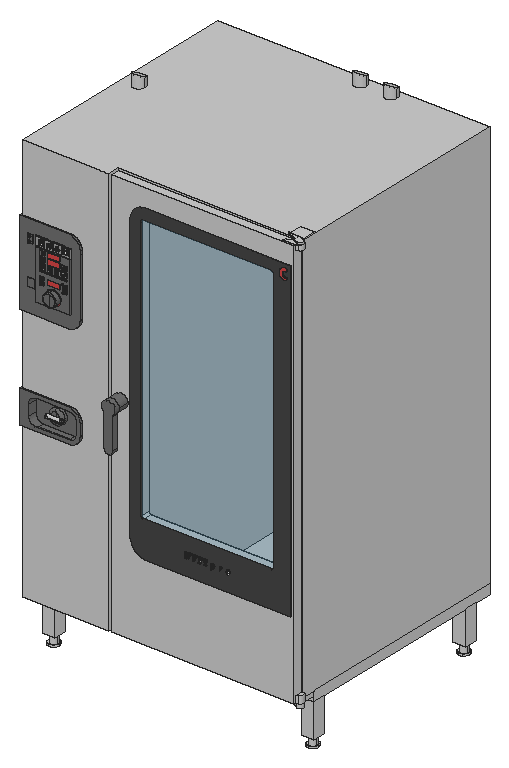
Revit family "QF_WELBILT-CONVOTHERM_CMX-PRO-ED-20-20-EB.240704044420", category Specialty Equipment, Revit 2020
Family settings
  Round Connector Dimension = Use Diameter
  Part Type = Normal
  OmniClass Number = 23.40.40.14
  OmniClass Title = Food Service Equipment
  Work Plane-Based = No
  Always vertical = Yes
  Cut with Voids When Loaded = No
  Shared = No
  Room Calculation Point = No
Parameters (values of type "CMX-PRO-ED-20-20-EB-RX_400V/3Ph/50Hz")
  Weight = 331.00 kg
  Waste Remarks [instance] = ""
  Volts = 400 V
  URL Cutsheet = ""
  URL = "www.convotherm.com"
  Status [instance] = ""
  Specification by User [instance] = ""
  Specification by Manufacturer [instance] = ""
  Serial Number = ""
  Seismic Rating = ""
  SMACNA No = ""
  Revision Code [instance] = ""
  Phase = 3
  Number of Poles = 1
  NAFEM Spec ID Number = ""
  Model = "CMX-PRO-ED-20-20-EB"
  Min Ckt Ampacity = 0 A
  Max Overcurrent Protection = 0 A
  Masterspec = ""
  Manufacturer = "WELBILT-CONVOTHERM"
  Length Actual = 1135 mm
  Item Number [instance] = ""
  Installed By [instance] = ""
  Indirect Waste Size = 25.4 mm
  Indirect Waste Connection Type [instance] = ""
  Indirect Waste Connection Height [instance] = 220 mm
  Identify Quantity as Lot [instance] = no
  Height Actual = 1934 mm
  HP power = ""
  Furnished By [instance] = ""
  Foodservice Equipment Identifier [instance] = no
  FL Amps = 97.3 A
  Electric power = 67300 W
  Electric Connection Type [instance] = ""
  Elec Conn RI Height [instance] = 0 mm
  Elec Conn Connection Height [instance] = 220 mm
  Direct Waste RI Height [instance] = 0 mm
  Description = "COMBI OVEN MAXX PRO EASYDIAL 20 SHELVES GN 2/1 - RIGHT HINGED DOOR - ELECTRIC BOILER"
  Depth Actual = 1020 mm
  Default Elevation = 0 mm
  Cycle = 50 Hz
  Cost = 0
  Conn Plug = ""
  Conn Conduit = no
  Cold Water Temperature Recommended = 0 °C
  Cold Water Size = 19.05 mm
  Cold Water Flow = 0.0 L/s
  Cold Water Connection Height [instance] = 220 mm
  CSI MasterFormat = ""
  Apparent Power = 67300 VA
  Accessory = no
Reference planes
  plane 1 "Center (Front/Back)": y = 0
  plane 2: z = 0
  plane 3 "Center (Left/Right)": x = 0
Forms (mm)
  Extrusion 1, solid, not visible
    sketch origin (124, -600, 222) x (1, 0, 0) y (0, 1, 0)
      loop
        line (0, 0) -> (2, 0) -> (2, 2) -> (0, 2) -> (0, 0)
    from 0 to 2
  Extrusion 2, solid, not visible
    sketch origin (301, -405, 222) x (1, 0, 0) y (0, 1, 0)
      loop
        line (0, 0) -> (2, 0) -> (2, 2) -> (0, 2) -> (0, 0)
    from 0 to 2
  Extrusion 3, solid, not visible
    sketch origin (104, -362, 222) x (1, 0, 0) y (0, 1, 0)
      loop
        line (0, 0) -> (2, 0) -> (2, 2) -> (0, 2) -> (0, 0)
    from 0 to 2
Dimensions and locks
  aligned and locked: level to plane 2
Nested families
  nested 1: "QF_WELBILT-CONVOTHERM_CMX-PRO-ED-20-20-EB-RX_400V_3Ph_50Hz" at (0, 0, 0), type "CMX-PRO-ED-20-20-EB-RX_400V/3Ph/50Hz"
    with Show Logo yes, Show Clearance yes
Connectors
  electrical at (125, -599, 222), driven by "Apparent Power", driven by "Number of Poles", driven by "Volts"
    settings: on Extrusion 1, index 1, voltage 400 V, apparent load 0 VA, apparent load phase1 67300 VA, apparent load phase2 0 VA, apparent load phase3 0 VA, power factor 1, load classification "Other", number of poles 1, system type 31, power factor state 1, is connector primary yes, connector utility no, sub classification motor no, connector description "Electric connection for 'CMX-PRO-ED-20-20-EB'"
  piping at (302, -404, 222), diameter 25.4, driven by "Indirect Waste Size"
    settings: on Extrusion 2, index 2, connector inside diameter 609.6 mm, connector length 0 mm, flow factor 0, pipe flow 0.0 L/s, pressure drop 0.0 Pa, fitting loss kfactor 0, connector angle 0.00°, fixture units 0, engagement length 0 mm, angle of deflection 0.00°, flow configuration 1, flow direction 2, fitting loss method 0, system type 16, joint type 0, gender type 0, connector reference index -1, connector utility 0, adjustable connector no, is connector primary yes, connector description "Drain connection for 'CMX-PRO-ED-20-20-EB'"
  piping at (105, -361, 222), diameter 19.05, driven by "Cold Water Size", driven by "Cold Water Flow"
    settings: on Extrusion 3, index 3, connector inside diameter 609.6 mm, connector length 0 mm, flow factor 0, pipe flow 0.0 L/s, pressure drop 0.0 Pa, fitting loss kfactor 0, connector angle 0.00°, fixture units 0, engagement length 0 mm, angle of deflection 0.00°, flow configuration 1, flow direction 1, fitting loss method 0, system type 20, joint type 0, gender type 0, connector reference index -1, connector utility 0, adjustable connector no, is connector primary no, connector description "Cold Water connection for 'CMX-PRO-ED-20-20-EB'"
Definition of nested family "QF_WELBILT-CONVOTHERM_CMX-PRO-ED-20-20-EB-RX_400V_3Ph_50Hz"
  Parameters (values of type "CMX-PRO-ED-20-20-EB-RX_400V/3Ph/50Hz")
    URL = "www.convotherm.com"
    Show Logo [instance] = yes
    Show Clearance [instance] = yes
    Model = "CMX-PRO-ED-20-20-EB"
    Manufacturer = "WELBILT-CONVOTHERM"
    Description = "COMBI OVEN MAXX PRO EASYDIAL 20 SHELVES GN 2/1 - RIGHT HINGED DOOR - ELECTRIC BOILER"
    Default Elevation = 0 mm
    Assembly Code = "E1090320"
  Types (2, lengths in mm): name | Model | Description
    CMX-PRO-ED-20-20-EB-RX_400V/3Ph/50Hz | "CMX-PRO-ED-20-20-EB" | "COMBI OVEN MAXX PRO EASYDIAL 20 SHELVES GN 2/1 - RIGHT HINGED DOOR - ELECTRIC BOILER"
    CMX-PRO-ED-20-20-ES-RX | "CMX-PRO-ED-20-20-ES" | "COMBI OVEN MAXX PRO EASYDIAL 20 SHELVES GN 2/1 - RIGHT HINGED DOOR - ELECTRIC INJECTION"
  Reference planes
    plane 1 "Back": y = 0
    plane 2: z = 0
    plane 3 "Left": x = 0
    plane 4 "Right": x = 1135
    plane 5 "Front": y = -1020
    plane 6 "Top": z = 1934
  Forms (mm)
    Extrusion 1, solid
      sketch origin (0, 0, 96) x (0, 1, 0) y (0, 0, 1)
        loop
          line (0, 1838) -> (-69, 1838) -> (-69, 126) -> (0, 126) -> (0, 1838)
      from 0 to 1135
    Extrusion 2, solid
      sketch origin (621, -433, 142.161) x (1, 0, 0) y (0, 0, 1)
        loop
          line (-250, 1791.839) -> (-250, 79.839) -> (514, 79.839) -> (514, 1791.839) -> (-250, 1791.839)
        loop
          arc (-115, 1670.132) -> (-122.071, 1667.203) -> (-125, 1660.132) r 10
          line (-125, 1660.132) -> (-125, 559.207)
          arc (-125, 559.207) -> (-122.071, 552.136) -> (-115, 549.207) r 10
          line (-115, 549.207) -> (419, 549.207)
          arc (419, 549.207) -> (426.071, 552.136) -> (429, 559.207) r 10
          line (429, 559.207) -> (429, 1660.132)
          arc (429, 1660.132) -> (426.071, 1667.203) -> (419, 1670.132) r 10
          line (419, 1670.132) -> (-115, 1670.132)
      from 550 to 587
    Extrusion 3, solid
      sketch origin (621, -423, 1162.455) x (1, 0, 0) y (0, 0, 1)
        loop
          arc (-115, 649.839) -> (-122.071, 646.91) -> (-125, 639.839) r 10
          line (-125, 639.839) -> (-125, -461.086)
          arc (-125, -461.086) -> (-122.071, -468.157) -> (-115, -471.086) r 10
          line (-115, -471.086) -> (419, -471.086)
          arc (419, -471.086) -> (426.071, -468.157) -> (429, -461.086) r 10
          line (429, -461.086) -> (429, 639.839)
          arc (429, 639.839) -> (426.071, 646.91) -> (419, 649.839) r 10
          line (419, 649.839) -> (-115, 649.839)
      from 560 to 597
    Extrusion 4, solid
      sketch origin (538.754, 250.154, 1299.45) x (1, 0, 0) y (0, 1, 0)
        loop
          circle (88.246, -288.147) r 25
      from 634.55 to 684.55
    Extrusion 5, solid, visible <- "Show Logo"
      sketch origin (608.278, -419.7, 1383.603) x (1, 0, 0) y (0, 0, 1)
        loop
          line (496.472, 442.836) -> (496.472, 452.836)
          arc (496.472, 452.836) -> (465.307, 432.836) -> (496.472, 412.836) r 22
          line (496.472, 412.836) -> (496.472, 422.836)
          arc (496.472, 422.836) -> (477.839, 432.836) -> (496.472, 442.836) r 12
      from 599 to 601
    Extrusion 6, void
      sketch origin (495, 28.007, 1307) x (0, 1, 0) y (0, 0, 1)
        loop
          line (-40.997, 682) -> (-101.661, 682) -> (-40.997, 653.55) -> (-40.997, 682)
      from 106.55 to 160
    Extrusion 7, solid
      sketch origin (0, -1022, 122) x (-1, 0, 0) y (0, 0, 1)
        loop
          line (0, 1812) -> (-361, 1812) -> (-361, 100) -> (0, 100) -> (0, 1812)
      from 2 to 49
    Extrusion 8, solid
      sketch origin (260, -1020.5, 1142.293) x (-1, 0, 0) y (0, 0, 1)
        loop
          line (-863, 715.8) -> (-863, -599.2) -> (-252.2, -599.2)
          arc (-252.2, -599.2) -> (-208.359, -581.041) -> (-190.2, -537.2) r 62
          line (-190.2, -537.2) -> (-190.2, 653.753)
          arc (-190.2, 653.753) -> (-208.373, 697.627) -> (-252.247, 715.8) r 62.047
          line (-252.247, 715.8) -> (-863, 715.8)
        loop
          arc (-780, 670) -> (-787.071, 667.071) -> (-790, 660) r 10
          line (-790, 660) -> (-790, -440.925)
          arc (-790, -440.925) -> (-787.071, -447.996) -> (-780, -450.925) r 10
          line (-780, -450.925) -> (-246, -450.925)
          arc (-246, -450.925) -> (-238.929, -447.996) -> (-236, -440.925) r 10
          line (-236, -440.925) -> (-236, 660)
          arc (-236, 660) -> (-238.929, 667.071) -> (-246, 670) r 10
          line (-246, 670) -> (-780, 670)
      from 0 to 2
    Extrusion 9, solid
      sketch origin (260, -228, 1149) x (1, 0, 0) y (0, 1, 0)
        loop
          line (815, -747) -> (877.799, -781.314)
          arc (877.799, -781.314) -> (895.081, -773.445) -> (884.24, -757.854) r 12.365
          line (884.24, -757.854) -> (873, -747) -> (815, -747)
      from 793 to 798
    Extrusion 10, solid
      sketch origin (260, -228, 1149) x (0, 1, 0) y (0, 0, 1)
        loop
          line (-747, 793) -> (-739, 785) -> (-684, 785) -> (-684, 790) -> (-737.215, 790) -> (-747, 798) -> (-747, 793)
      from 815 to 873
    Extrusion 11, solid
      sketch origin (-21.246, -207.853, 1299.45) x (1, 0, 0) y (0, 1, 0)
        loop
          circle (88.246, -288.147) r 25
      from 634.55 to 684.55
    Extrusion 12, void
      sketch origin (-65, -430, 1307) x (0, 1, 0) y (0, 0, 1)
        loop
          line (-40.997, 682) -> (-101.661, 682) -> (-40.997, 653.55) -> (-40.997, 682)
      from 106.55 to 160
    Extrusion 13, solid, visible <- "Show Clearance", detail levels coarse
      sketch origin (259, -226, 122) x (1, 0, 0) y (0, 1, 0)
        loop
          line (876, -794) -> (112, -794)
          arc (112, -794) -> (335.77, -1334.23) -> (876, -1558) r 764
          line (876, -1558) -> (876, -794)
      from 100 to 1812
    Extrusion 14, solid, visible <- "Show Clearance", detail levels coarse
      sketch origin (0, 0, 1020.837) x (1, 0, 0) y (0, 1, 0)
        loop
          line (1185, 50) -> (-50, 50) -> (-50, -1020) -> (0, -1020) -> (0, 0) -> (1135, 0) -> (1135, -1020) -> (1185, -1020) -> (1185, 50)
      from -1020.837 to 913.163
    Extrusion 15, solid
      sketch origin (401.711, -455, 812.309) x (1, 0, 0) y (0, 0, 1)
        loop
          arc (-10.176, 136.991) -> (9.289, 117.635) -> (28.753, 136.991) r 19.465
          line (28.753, 136.991) -> (28.753, 265.447)
          arc (28.753, 265.447) -> (29.337, 268.813) -> (31.019, 271.786) r 9.998
          arc (31.019, 271.786) -> (9.289, 317.699) -> (-12.442, 271.786) r 28.099
          arc (-12.442, 271.786) -> (-10.759, 268.813) -> (-10.176, 265.447) r 9.998
          line (-10.176, 265.447) -> (-10.176, 136.991)
      from 611 to 630
    Extrusion 16, solid
      sketch origin (376.711, -428, 809.017) x (1, 0, 0) y (0, 0, 1)
        loop
          circle (34.289, 292.891) r 28.099
      from 592 to 638
    Extrusion 17, solid, visible <- "Show Logo"
      sketch origin (151.074, -1021, 492.827) x (-1, 0, 0) y (0, 0, 1)
        loop
          line (-528.137, 127.552) -> (-530.011, 127.552) -> (-530.348, 126.074)
          arc (-530.348, 126.074) -> (-533.867, 127.761) -> (-537.387, 126.074) r 4.515
          arc (-537.387, 126.074) -> (-541.947, 127.505) -> (-544.743, 123.629) r 4.084
          line (-544.743, 123.629) -> (-544.743, 116.284) -> (-542.349, 116.284) -> (-542.349, 123.232)
          arc (-542.349, 123.232) -> (-539.99, 125.59) -> (-537.632, 123.232) r 2.358
          line (-537.632, 123.232) -> (-537.632, 116.284) -> (-535.228, 116.284) -> (-535.228, 123.232)
          arc (-535.228, 123.232) -> (-532.879, 125.58) -> (-530.531, 123.232) r 2.348
          line (-530.531, 123.232) -> (-530.531, 116.284) -> (-528.137, 116.284) -> (-528.137, 127.552)
        loop
          arc (-560.96, 126.777) -> (-563.601, 127.667) -> (-566.387, 127.637) r 8.338
          arc (-566.387, 127.637) -> (-568.587, 126.318) -> (-569.365, 123.874) r 3.628
          line (-569.365, 123.874) -> (-569.365, 116.284) -> (-567.653, 116.284) -> (-567.175, 117.853)
          arc (-567.175, 117.853) -> (-565.463, 116.5) -> (-563.335, 116.017) r 4.933
          arc (-563.335, 116.017) -> (-560.862, 117.042) -> (-559.838, 119.515) r 3.498
          arc (-559.838, 119.515) -> (-560.769, 121.724) -> (-562.869, 122.881) r 3.655
          arc (-562.869, 122.881) -> (-564.937, 123.13) -> (-567.021, 123.172) r 20.914
          arc (-567.021, 123.172) -> (-566.618, 125.022) -> (-564.92, 125.86) r 2.182
          arc (-564.92, 125.86) -> (-563.277, 125.666) -> (-561.734, 125.066) r 6.53
          line (-561.734, 125.066) -> (-560.96, 126.777)
        loop
          line (-566.971, 121.663) -> (-566.971, 120.653)
          arc (-566.971, 120.653) -> (-565.555, 118.263) -> (-562.778, 118.357) r 2.725
          arc (-562.778, 118.357) -> (-562.249, 119.77) -> (-563.061, 121.043) r 1.69
          arc (-563.061, 121.043) -> (-563.851, 121.394) -> (-564.704, 121.544) r 3.557
          line (-564.704, 121.544) -> (-566.971, 121.663)
        loop
          line (-583.952, 127.552) -> (-586.682, 127.552) -> (-589.25, 123.609) -> (-591.837, 127.552) -> (-594.547, 127.552) -> (-590.757, 122.04) -> (-594.741, 116.284) -> (-592.031, 116.284) -> (-589.25, 120.502) -> (-586.479, 116.284) -> (-583.769, 116.284) -> (-587.732, 122.04) -> (-583.952, 127.552)
        loop
          line (-607.963, 127.552) -> (-610.693, 127.552) -> (-613.26, 123.609) -> (-615.848, 127.552) -> (-618.558, 127.552) -> (-614.768, 122.04) -> (-618.752, 116.284) -> (-616.042, 116.284) -> (-613.26, 120.502) -> (-610.489, 116.284) -> (-607.779, 116.284) -> (-611.742, 122.04) -> (-607.963, 127.552)
        loop
          line (-636.435, 132.059) -> (-639.145, 132.059) -> (-639.689, 130.03)
          arc (-639.689, 130.03) -> (-644.361, 132.339) -> (-649.091, 130.15) r 6.037
          arc (-649.091, 130.15) -> (-650.678, 124.151) -> (-649.091, 118.152) r 12.127
          arc (-649.091, 118.152) -> (-644.439, 115.999) -> (-639.787, 118.152) r 6.101
          line (-639.787, 118.152) -> (-639.787, 109.266) -> (-636.435, 109.266) -> (-636.435, 132.059)
        loop
          arc (-640.707, 128.436) -> (-643.521, 129.607) -> (-646.244, 128.239) r 3.656
          arc (-646.244, 128.239) -> (-647.304, 124.134) -> (-646.244, 120.028) r 8.478
          arc (-646.244, 120.028) -> (-643.478, 118.728) -> (-640.707, 120.019) r 3.605
          arc (-640.707, 120.019) -> (-639.746, 124.228) -> (-640.707, 128.436) r 9.697
        loop
          line (-672.161, 132.059) -> (-674.786, 132.059) -> (-675.228, 129.277)
          arc (-675.228, 129.277) -> (-678.007, 131.919) -> (-681.831, 132.201) r 5.699
          line (-681.831, 132.201) -> (-681.499, 129.039)
          arc (-681.499, 129.039) -> (-677.382, 128.276) -> (-675.513, 124.528) r 4.693
          line (-675.513, 124.528) -> (-675.513, 116.284) -> (-672.161, 116.284) -> (-672.161, 132.059)
        loop
          arc (-701.668, 128.856) -> (-708.102, 132.336) -> (-714.536, 128.856) r 7.688
          arc (-714.536, 128.856) -> (-715.716, 123.509) -> (-713.81, 118.375) r 9.693
          arc (-713.81, 118.375) -> (-708.258, 115.93) -> (-702.705, 118.375) r 7.526
          arc (-702.705, 118.375) -> (-700.886, 123.487) -> (-701.668, 128.856) r 11.265
        loop
          arc (-705.156, 128.208) -> (-708.205, 129.601) -> (-711.253, 128.208) r 4.032
          arc (-711.253, 128.208) -> (-712.176, 124.281) -> (-711.253, 120.354) r 8.822
          arc (-711.253, 120.354) -> (-708.251, 118.678) -> (-705.156, 120.174) r 3.725
          arc (-705.156, 120.174) -> (-704.233, 124.191) -> (-705.156, 128.208) r 9.2
        loop
          arc (-532.682, 137.519) -> (-530.724, 137.866) -> (-529.296, 136.484) r 2.184
          arc (-529.296, 136.484) -> (-529.141, 134.97) -> (-529.666, 133.541) r 3.38
          arc (-529.666, 133.541) -> (-531.195, 132.902) -> (-532.824, 133.209) r 2.886
          line (-532.824, 133.209) -> (-532.824, 132.27)
          arc (-532.824, 132.27) -> (-530.712, 132.004) -> (-528.755, 132.842) r 4.064
          arc (-528.755, 132.842) -> (-527.999, 134.996) -> (-528.348, 137.252) r 4.701
          arc (-528.348, 137.252) -> (-530.48, 138.773) -> (-533.076, 138.431) r 3.573
          line (-533.076, 138.431) -> (-532.682, 137.519)
        loop
          arc (-537.479, 137.982) -> (-539.805, 138.908) -> (-542.133, 137.986) r 3.392
          arc (-542.133, 137.986) -> (-542.922, 135.429) -> (-542.133, 132.872) r 4.538
          arc (-542.133, 132.872) -> (-539.818, 131.941) -> (-537.495, 132.853) r 3.378
          arc (-537.495, 132.853) -> (-536.706, 135.415) -> (-537.479, 137.982) r 4.603
        loop
          arc (-538.327, 137.294) -> (-539.797, 137.948) -> (-541.273, 137.306) r 1.999
          arc (-541.273, 137.306) -> (-541.786, 135.426) -> (-541.273, 133.546) r 3.701
          arc (-541.273, 133.546) -> (-539.8, 132.933) -> (-538.327, 133.544) r 2.078
          arc (-538.327, 133.544) -> (-537.877, 135.419) -> (-538.327, 137.294) r 4.129
        loop
          line (-547.292, 138.766) -> (-548.621, 138.766) -> (-551.871, 133.511) -> (-551.871, 138.766) -> (-552.875, 138.766) -> (-552.875, 132.063) -> (-551.532, 132.063) -> (-548.286, 137.265) -> (-548.286, 132.063) -> (-547.292, 132.063) -> (-547.292, 138.766)
        loop
          line (-556.671, 138.766) -> (-557.799, 138.766) -> (-559.583, 133.448) -> (-561.375, 138.766) -> (-562.512, 138.766) -> (-560.164, 132.063) -> (-559.009, 132.063) -> (-556.671, 138.766)
        loop
          arc (-566.711, 137.982) -> (-569.038, 138.908) -> (-571.366, 137.986) r 3.392
          arc (-571.366, 137.986) -> (-572.155, 135.429) -> (-571.366, 132.872) r 4.538
          arc (-571.366, 132.872) -> (-569.051, 131.941) -> (-566.727, 132.853) r 3.378
          arc (-566.727, 132.853) -> (-565.939, 135.415) -> (-566.711, 137.982) r 4.603
        loop
          arc (-567.56, 137.294) -> (-569.03, 137.948) -> (-570.505, 137.306) r 1.999
          arc (-570.505, 137.306) -> (-571.019, 135.426) -> (-570.505, 133.546) r 3.701
          arc (-570.505, 133.546) -> (-569.033, 132.933) -> (-567.56, 133.544) r 2.078
          arc (-567.56, 133.544) -> (-567.109, 135.419) -> (-567.56, 137.294) r 4.129
        loop
          line (-577.456, 137.826) -> (-575.485, 137.826) -> (-575.485, 138.766) -> (-580.523, 138.766) -> (-580.523, 137.826) -> (-578.552, 137.826) -> (-578.552, 132.063) -> (-577.456, 132.063) -> (-577.456, 137.826)
        loop
          line (-584.461, 138.766) -> (-585.556, 138.766) -> (-585.556, 136.024) -> (-588.646, 136.024) -> (-588.646, 138.766) -> (-589.747, 138.766) -> (-589.747, 132.063) -> (-588.646, 132.063) -> (-588.646, 135.084) -> (-585.556, 135.084) -> (-585.556, 132.063) -> (-584.461, 132.063) -> (-584.461, 138.766)
        loop
          line (-598.044, 136.015) -> (-598.044, 135.098) -> (-595.518, 135.098) -> (-595.518, 132.994) -> (-598.214, 132.994) -> (-598.214, 132.063) -> (-594.423, 132.063) -> (-594.423, 138.766) -> (-598.214, 138.766) -> (-598.214, 137.84) -> (-595.518, 137.84) -> (-595.518, 136.015) -> (-598.044, 136.015)
        loop
          line (-602.573, 138.766) -> (-604.466, 138.766)
          arc (-604.466, 138.766) -> (-605.459, 138.644) -> (-606.393, 138.285) r 4.104
          arc (-606.393, 138.285) -> (-606.983, 136.462) -> (-605.709, 135.029) r 1.929
          line (-605.709, 135.029) -> (-607.602, 132.063) -> (-606.355, 132.063) -> (-604.751, 134.741) -> (-603.669, 134.741) -> (-603.669, 132.063) -> (-602.573, 132.063) -> (-602.573, 138.766)
        loop
          line (-603.669, 137.84) -> (-604.805, 137.84)
          arc (-604.805, 137.84) -> (-605.901, 136.744) -> (-604.805, 135.648) r 1.096
          line (-604.805, 135.648) -> (-603.669, 135.648) -> (-603.669, 137.84)
        loop
          line (-611.485, 138.766) -> (-613.03, 138.766) -> (-614.905, 133.395) -> (-616.835, 138.766) -> (-618.384, 138.766) -> (-618.384, 132.063) -> (-617.33, 132.063) -> (-617.33, 137.563) -> (-615.349, 132.063) -> (-614.382, 132.063) -> (-612.48, 137.543) -> (-612.48, 132.063) -> (-611.485, 132.063) -> (-611.485, 138.766)
      from 0 to 2
    Extrusion 18, solid
      sketch origin (260, -228, -576) x (1, 0, 0) y (0, 1, 0)
        loop
          line (815, -747) -> (877.799, -781.314)
          arc (877.799, -781.314) -> (895.081, -773.445) -> (884.24, -757.854) r 12.365
          line (884.24, -757.854) -> (873, -747) -> (873, -684) -> (815, -684) -> (815, -747)
      from 779.9 to 798
    Extrusion 19, solid
      sketch origin (260, -228, 222) x (1, 0, 0) y (0, 1, 0)
        loop
          arc (887.5, -783.557) -> (896.787, -767.866) -> (882.689, -756.303) r 14
          line (882.689, -756.303) -> (875, -756.303) -> (875, -787.8) -> (887.5, -783.557)
      from 0 to 28.2
    Extrusion 20, solid
      sketch origin (260, -228, 1919.954) x (1, 0, 0) y (0, 1, 0)
        loop
          arc (887.5, -783.557) -> (896.787, -767.866) -> (882.689, -756.303) r 14
          line (882.689, -756.303) -> (875, -756.303) -> (825, -775.067) -> (825, -787.8) -> (875, -787.8) -> (887.5, -783.557)
      from 0 to 18.046
    Extrusion 21, solid
      sketch origin (260, -228, 976) x (1, 0, 0) y (0, 1, 0)
        loop
          circle (883, -770.5) r 5
      from 962 to 966
    Extrusion 22, solid
      sketch origin (0, -792, 222) x (-1, 0, 0) y (0, 0, 1)
        loop
          line (0, 1712) -> (-1135, 1712) -> (-1135, 0) -> (0, 0) -> (0, 1712)
        loop
          line (-411, 1672) -> (-1095, 1672) -> (-1095, 40) -> (-411, 40) -> (-411, 1672)
      from -181 to 723
    Extrusion 23, solid
      sketch origin (60, -1022.2, 528.196) x (-1, 0, 0) y (0, 0, 1)
        loop
          line (64, 479) -> (-139.45, 479)
          arc (-139.45, 479) -> (-173.073, 465.073) -> (-187, 431.45) r 47.55
          line (-187, 431.45) -> (-187, 386.55)
          arc (-187, 386.55) -> (-173.073, 352.927) -> (-139.45, 339) r 47.55
          line (-139.45, 339) -> (64, 339) -> (64, 479)
        loop
          line (-4.55, 464) -> (-139.45, 464)
          arc (-139.45, 464) -> (-162.466, 454.466) -> (-172, 431.45) r 32.55
          line (-172, 431.45) -> (-172, 386.55)
          arc (-172, 386.55) -> (-162.466, 363.534) -> (-139.45, 354) r 32.55
          line (-139.45, 354) -> (-4.55, 354)
          arc (-4.55, 354) -> (18.466, 363.534) -> (28, 386.55) r 32.55
          line (28, 386.55) -> (28, 431.45)
          arc (28, 431.45) -> (18.466, 454.466) -> (-4.55, 464) r 32.55
      from -5.45 to 30.55
    Extrusion 24, void
      sketch origin (0, -1032.65, 220) x (-1, 0, 0) y (0, 0, 1)
        loop
          line (-64.55, 774.196) -> (-199.45, 774.196)
          arc (-199.45, 774.196) -> (-223.881, 764.076) -> (-234, 739.646) r 34.55
          line (-234, 739.646) -> (-234, 694.746)
          arc (-234, 694.746) -> (-223.881, 670.315) -> (-199.45, 660.196) r 34.55
          line (-199.45, 660.196) -> (-64.55, 660.196)
          arc (-64.55, 660.196) -> (-40.119, 670.315) -> (-30, 694.746) r 34.55
          line (-30, 694.746) -> (-30, 739.646)
          arc (-30, 739.646) -> (-40.119, 764.076) -> (-64.55, 774.196) r 34.55
      from 0 to 41
    Revolve 25, solid
      sketch origin (132, -213, 187) x (0, 1, 0) y (0, 0, 1)
        loop
          line (-800.65, 771.095) -> (-800.65, 750.196) -> (-780.65, 750.196) -> (-780.65, 782.804) -> (-792.214, 780.972)
          arc (-792.214, 780.972) -> (-798.254, 777.59) -> (-800.65, 771.095) r 10
        axis (-780.65, 750.196) -> (-800.65, 750.196)
      angle from 0 to 360
    Extrusion 26, solid
      sketch origin (60, -988.2, 513.196) x (-1, 0, 0) y (0, 0, 1)
        loop
          line (-4.55, 479) -> (-139.45, 479)
          arc (-139.45, 479) -> (-162.466, 469.466) -> (-172, 446.45) r 32.55
          line (-172, 446.45) -> (-172, 401.55)
          arc (-172, 401.55) -> (-162.466, 378.534) -> (-139.45, 369) r 32.55
          line (-139.45, 369) -> (-4.55, 369)
          arc (-4.55, 369) -> (18.466, 378.534) -> (28, 401.55) r 32.55
          line (28, 401.55) -> (28, 446.45)
          arc (28, 446.45) -> (18.466, 469.466) -> (-4.55, 479) r 32.55
      from -5.45 to -3.45
    Extrusion 27, solid
      sketch origin (102, -228.026, 187) x (0, 1, 0) y (0, 0, 1)
        loop
          circle (-793.65, 750.196) r 8
      from 0 to 60
    Revolve 28, solid
      sketch origin (102, -1021.676, 187) x (-1, 0, 0) y (0, 0, 1)
        loop
          line (-60, 750.196) -> (-60, 758.196)
          arc (-60, 758.196) -> (-61.414, 757.61) -> (-62, 756.196) r 2
          line (-62, 756.196) -> (-62, 750.196) -> (-60, 750.196)
        axis (-60, 750.196) -> (-62, 750.196)
      angle from 0 to 360
    Revolve 29, solid
      sketch origin (162, -1021.676, 187) x (1, 0, 0) y (0, 0, -1)
        loop
          line (-60, -750.196) -> (-62, -750.196) -> (-62, -756.196)
          arc (-62, -756.196) -> (-61.414, -757.61) -> (-60, -758.196) r 2
          line (-60, -758.196) -> (-60, -750.196)
        axis (-60, -750.196) -> (-62, -750.196)
      angle from 0 to 360
    Extrusion 30, solid
      sketch origin (665.754, 250.154, 1299.45) x (1, 0, 0) y (0, 1, 0)
        loop
          circle (88.246, -288.147) r 25
      from 634.55 to 684.55
    Extrusion 31, void
      sketch origin (622, 28.007, 1307) x (0, 1, 0) y (0, 0, 1)
        loop
          line (-40.997, 682) -> (-101.661, 682) -> (-40.997, 653.55) -> (-40.997, 682)
      from 106.55 to 160
    Extrusion 32, solid
      sketch origin (-428.638, -446.526, 1166.547) x (0, 0, 1) y (-1, 0, 0)
        loop
          line (393.991, -491.319) -> (186.559, -491.319) -> (186.559, -634.546) -> (393.991, -634.546) -> (393.991, -491.319)
      from 580.124 to 582.124
    Extrusion 33, solid
      sketch origin (0, -1022.2, 962.518) x (-1, 0, 0) y (0, 0, 1)
        loop
          line (4, 692) -> (-199.45, 692)
          arc (-199.45, 692) -> (-233.073, 678.073) -> (-247, 644.45) r 47.55
          line (-247, 644.45) -> (-247, 632) -> (-247, 386.55)
          arc (-247, 386.55) -> (-233.073, 352.927) -> (-199.45, 339) r 47.55
          line (-199.45, 339) -> (4, 339) -> (4, 692)
      from -5.45 to 30.55
    Extrusion 34, solid
      sketch origin (-36.897, -959.167, 1080.168) x (-1, 0, 0) y (0, 0, 1)
        loop
          line (-66.022, 518.689) -> (-84.672, 518.689) -> (-84.672, 483.933) -> (-66.022, 483.933) -> (-66.022, 518.689)
        loop
          circle (-75.347, 510.212) r 5.934
        loop
          circle (-75.347, 492.834) r 5.934
        loop
          line (-66.022, 355.925) -> (-96.022, 355.925) -> (-96.022, 320.925) -> (-66.022, 320.925) -> (-66.022, 355.925)
      from -69.983 to -67.983
    Extrusion 35, solid
      sketch origin (12.599, -339.852, 1165.106) x (1, 0, 0) y (0, 0, 1)
        loop
          line (50.082, 434.331) -> (50.082, 400.345) -> (84.068, 400.345) -> (84.068, 434.331) -> (50.082, 434.331)
        loop
          line (86.495, 434.331) -> (86.495, 400.345) -> (120.482, 400.345) -> (120.482, 434.331) -> (86.495, 434.331)
        loop
          line (122.909, 434.331) -> (122.909, 400.345) -> (156.895, 400.345) -> (156.895, 434.331) -> (122.909, 434.331)
        loop
          line (159.323, 434.331) -> (159.323, 400.345) -> (193.309, 400.345) -> (193.309, 434.331) -> (159.323, 434.331)
      from 687.298 to 689.298
    Extrusion 36, solid
      sketch origin (-3.045, -1027.15, 1067.09) x (1, 0, 0) y (0, 0, 1)
        loop
          line (65.725, 534.323) -> (99.711, 534.323) -> (99.711, 536.323) -> (65.725, 536.323) -> (65.725, 534.323)
      from 0 to 2
    Extrusion 37, solid
      sketch origin (26.955, -1027.15, 1067.081) x (1, 0, 0) y (0, 0, 1)
        loop
          line (72.139, 534.323) -> (106.125, 534.323) -> (106.125, 536.323) -> (72.139, 536.323) -> (72.139, 534.323)
      from 0 to 2
    Extrusion 38, solid
      sketch origin (56.955, -1027.15, 1067.081) x (1, 0, 0) y (0, 0, 1)
        loop
          line (78.553, 534.323) -> (112.539, 534.323) -> (112.539, 536.323) -> (78.553, 536.323) -> (78.553, 534.323)
      from 0 to 2
    Extrusion 39, solid
      sketch origin (86.955, -1027.15, 1067.081) x (1, 0, 0) y (0, 0, 1)
        loop
          line (84.966, 534.323) -> (118.531, 534.323) -> (118.531, 536.323) -> (84.966, 536.323) -> (84.966, 534.323)
      from 0 to 2
    Extrusion 40, solid
      sketch origin (-292.392, -339.852, 1092.792) x (1, 0, 0) y (0, 0, 1)
        loop
          line (372.087, 461.904) -> (372.087, 443.845) -> (390.692, 443.845) -> (390.692, 461.904) -> (372.087, 461.904)
      from 687.298 to 689.298
    Extrusion 41, solid
      sketch origin (-295.111, -339.852, 1062.443) x (1, 0, 0) y (0, 0, 1)
        loop
          line (374.306, 467.835) -> (374.306, 448.294) -> (393.41, 448.294) -> (393.41, 467.835) -> (374.306, 467.835)
      from 687.298 to 689.298
    Extrusion 42, solid
      sketch origin (-208.236, -339.852, 1062.443) x (1, 0, 0) y (0, 0, 1)
        loop
          line (379.423, 467.835) -> (379.423, 448.985) -> (398.234, 448.985) -> (398.234, 467.835) -> (379.423, 467.835)
      from 687.298 to 689.298
    Extrusion 43, solid
      sketch origin (-260.936, -339.852, 1082.943) x (1, 0, 0) y (0, 0, 1)
        loop
          line (371.423, 471.753) -> (371.423, 453.693) -> (421.748, 453.693) -> (421.748, 471.753) -> (371.423, 471.753)
      from 687.298 to 689.298
    Extrusion 44, solid
      sketch origin (-260.936, -339.852, 1062.443) x (1, 0, 0) y (0, 0, 1)
        loop
          line (371.423, 467.835) -> (371.423, 448.294) -> (421.748, 448.294) -> (421.748, 467.835) -> (371.423, 467.835)
      from 687.298 to 689.298
    Extrusion 45, solid
      sketch origin (-294.486, -339.852, 1041.318) x (1, 0, 0) y (0, 0, 1)
        loop
          line (373.681, 460.733) -> (373.681, 441.97) -> (392.785, 441.97) -> (392.785, 460.733) -> (373.681, 460.733)
      from 687.298 to 689.298
    Extrusion 46, solid
      sketch origin (-285.736, -339.852, 1018.193) x (1, 0, 0) y (0, 0, 1)
        loop
          line (364.931, 459.345) -> (364.931, 457.345) -> (477.368, 457.345) -> (477.368, 459.345) -> (364.931, 459.345)
      from 687.298 to 689.298
    Extrusion 47, solid
      sketch origin (0.705, -1027.15, 970.215) x (1, 0, 0) y (0, 0, 1)
        loop
          line (78.489, 534.323) -> (97.594, 534.323) -> (97.594, 536.323) -> (78.489, 536.323) -> (78.489, 534.323)
      from 0 to 2
    Extrusion 48, solid
      sketch origin (-295.997, -339.852, 993.002) x (1, 0, 0) y (0, 0, 1)
        loop
          line (375.192, 464.811) -> (375.192, 451.047) -> (389.704, 451.047) -> (389.704, 464.811) -> (375.192, 464.811)
      from 687.298 to 689.298
    Extrusion 49, solid
      sketch origin (-295.997, -339.852, 976.002) x (1, 0, 0) y (0, 0, 1)
        loop
          line (375.192, 462.561) -> (375.192, 447.345) -> (389.704, 447.345) -> (389.704, 462.561) -> (375.192, 462.561)
      from 687.298 to 689.298
    Extrusion 50, solid
      sketch origin (-197.001, -339.852, 994.217) x (1, 0, 0) y (0, 0, 1)
        loop
          line (373.192, 464.601) -> (373.192, 430.345) -> (388.632, 430.345) -> (388.632, 464.601) -> (373.192, 464.601)
      from 687.298 to 689.298
    Extrusion 51, solid
      sketch origin (76.941, -1027.15, 922.552) x (1, 0, 0) y (0, 0, 1)
        loop
          line (94.5, 534.323) -> (98, 534.323) -> (98, 536.323) -> (94.5, 536.323) -> (94.5, 534.323)
      from 0 to 2
    Extrusion 52, solid
      sketch origin (76.941, -1027.15, 890.239) x (1, 0, 0) y (0, 0, 1)
        loop
          line (94.5, 534.323) -> (98, 534.323) -> (98, 536.323) -> (94.5, 536.323) -> (94.5, 534.323)
      from 0 to 2
    Extrusion 53, solid
      sketch origin (-260.336, -339.852, 1014.443) x (1, 0, 0) y (0, 0, 1)
        loop
          line (370.823, 437.095) -> (370.823, 417.709) -> (421.148, 417.709) -> (421.148, 437.095) -> (370.823, 437.095)
      from 687.298 to 689.298
    Extrusion 54, solid
      sketch origin (-260.936, -339.852, 942.16) x (1, 0, 0) y (0, 0, 1)
        loop
          circle (396.292, 451.595) r 27.031
        loop
          circle (396.292, 451.595) r 30
      from 687.298 to 689.298
    Revolve 55, solid
      sketch origin (135.355, 14.19, 982.537) x (0, 1, 0) y (0, 0, 1)
        loop
          line (-1036.39, 411.218) -> (-1036.39, 438.218) -> (-1064.39, 438.218)
          arc (-1064.39, 438.218) -> (-1065.804, 437.632) -> (-1066.39, 436.218) r 2
          line (-1066.39, 436.218) -> (-1066.39, 411.218) -> (-1036.39, 411.218)
        axis (-1036.39, 411.218) -> (-1066.39, 411.218)
      angle from 0 to 360
    Extrusion 56, solid
      sketch origin (-29.6, -1028.95, 1040.764) x (-1, 0, 0) y (0, 0, 1)
        loop
          arc (-107.746, 547.473) -> (-111.291, 549.608) -> (-114.976, 547.725) r 4.26
          arc (-114.976, 547.725) -> (-117.687, 547.348) -> (-118.445, 544.718) r 2.513
          arc (-118.445, 544.718) -> (-116.276, 542.894) -> (-113.73, 544.139) r 2.598
          arc (-113.73, 544.139) -> (-110.951, 543.127) -> (-108.171, 544.139) r 4.322
          arc (-108.171, 544.139) -> (-105.673, 543.295) -> (-103.931, 545.275) r 2.379
          arc (-103.931, 545.275) -> (-105.101, 547.654) -> (-107.746, 547.473) r 2.379
        loop
          arc (-107.286, 549.341) -> (-111.38, 551.11) -> (-115.509, 549.427) r 5.76
          arc (-115.509, 549.427) -> (-119.099, 548.047) -> (-119.881, 544.282) r 4.013
          arc (-119.881, 544.282) -> (-117.224, 541.575) -> (-113.484, 542.207) r 4.098
          arc (-113.484, 542.207) -> (-110.88, 541.627) -> (-108.29, 542.27) r 5.822
          arc (-108.29, 542.27) -> (-104.611, 542.096) -> (-102.444, 545.075) r 3.879
          arc (-102.444, 545.075) -> (-103.724, 548.503) -> (-107.286, 549.341) r 3.879
      from -0.4 to 1.6
    Extrusion 57, solid
      sketch origin (-30.424, -1028.95, 1028.554) x (-1, 0, 0) y (0, 0, 1)
        loop
          line (-103.234, 551.339) -> (-105.234, 551.339) -> (-105.234, 547.168) -> (-106.183, 546.218) -> (-117.926, 546.218) -> (-118.876, 547.168) -> (-118.876, 551.339) -> (-120.876, 551.339) -> (-120.876, 546.339) -> (-118.755, 544.218) -> (-105.355, 544.218) -> (-103.234, 546.339) -> (-103.234, 551.339)
      from -0.4 to 1.6
    Extrusion 58, solid
      sketch origin (5.786, -1028.95, 1040.09) x (-1, 0, 0) y (0, 0, 1)
        loop
          arc (-104.784, 543.148) -> (-102.808, 547.489) -> (-107.277, 549.155) r 3.26
          arc (-107.277, 549.155) -> (-111.143, 551.159) -> (-115.198, 549.57) r 5.269
          arc (-115.198, 549.57) -> (-119.153, 546.7) -> (-116.142, 542.852) r 3.394
          line (-116.142, 542.852) -> (-115.583, 543.681)
          arc (-115.583, 543.681) -> (-118.296, 546.537) -> (-114.769, 548.292) r 2.449
          arc (-114.769, 548.292) -> (-111.134, 550.254) -> (-107.499, 548.292) r 4.349
          arc (-107.499, 548.292) -> (-103.789, 547.402) -> (-105.375, 543.932) r 2.471
          line (-105.375, 543.932) -> (-104.784, 543.148)
        loop
          line (-107.172, 546.556) -> (-107.926, 545.9)
          arc (-107.926, 545.9) -> (-107.106, 544.613) -> (-107.179, 543.088) r 2.52
          line (-107.179, 543.088) -> (-107.877, 540.655)
          arc (-107.877, 540.655) -> (-107.99, 539.187) -> (-107.514, 537.793) r 3.656
          line (-107.514, 537.793) -> (-106.759, 538.449)
          arc (-106.759, 538.449) -> (-107.235, 539.843) -> (-107.123, 541.311) r 3.656
          line (-107.123, 541.311) -> (-106.425, 543.744)
          arc (-106.425, 543.744) -> (-106.352, 545.269) -> (-107.172, 546.556) r 2.52
        loop
          line (-110.976, 546.556) -> (-111.731, 545.9)
          arc (-111.731, 545.9) -> (-110.911, 544.613) -> (-110.984, 543.088) r 2.52
          line (-110.984, 543.088) -> (-111.681, 540.655)
          arc (-111.681, 540.655) -> (-111.794, 539.187) -> (-111.318, 537.793) r 3.656
          line (-111.318, 537.793) -> (-110.563, 538.449)
          arc (-110.563, 538.449) -> (-111.039, 539.843) -> (-110.927, 541.311) r 3.656
          line (-110.927, 541.311) -> (-110.229, 543.744)
          arc (-110.229, 543.744) -> (-110.156, 545.269) -> (-110.976, 546.556) r 2.52
        loop
          line (-114.845, 546.556) -> (-115.599, 545.9)
          arc (-115.599, 545.9) -> (-114.779, 544.613) -> (-114.852, 543.088) r 2.52
          line (-114.852, 543.088) -> (-115.55, 540.655)
          arc (-115.55, 540.655) -> (-115.663, 539.187) -> (-115.187, 537.793) r 3.656
          line (-115.187, 537.793) -> (-114.432, 538.449)
          arc (-114.432, 538.449) -> (-114.908, 539.843) -> (-114.796, 541.311) r 3.656
          line (-114.796, 541.311) -> (-114.098, 543.744)
          arc (-114.098, 543.744) -> (-114.025, 545.269) -> (-114.845, 546.556) r 2.52
      from -0.4 to 1.6
    Extrusion 59, solid
      sketch origin (4.614, -1028.95, 1027.929) x (-1, 0, 0) y (0, 0, 1)
        loop
          line (-103.234, 551.339) -> (-105.234, 551.339) -> (-105.234, 547.168) -> (-106.183, 546.218) -> (-117.926, 546.218) -> (-118.876, 547.168) -> (-118.876, 551.339) -> (-120.876, 551.339) -> (-120.876, 546.339) -> (-118.755, 544.218) -> (-105.355, 544.218) -> (-103.234, 546.339) -> (-103.234, 551.339)
      from -0.4 to 1.6
    Extrusion 60, solid
      sketch origin (40.061, -1028.95, 1044.502) x (-1, 0, 0) y (0, 0, 1)
        loop
          line (-107.172, 546.556) -> (-107.926, 545.9)
          arc (-107.926, 545.9) -> (-107.106, 544.613) -> (-107.179, 543.088) r 2.52
          line (-107.179, 543.088) -> (-107.877, 540.655)
          arc (-107.877, 540.655) -> (-107.99, 539.187) -> (-107.514, 537.793) r 3.656
          line (-107.514, 537.793) -> (-106.759, 538.449)
          arc (-106.759, 538.449) -> (-107.235, 539.843) -> (-107.123, 541.311) r 3.656
          line (-107.123, 541.311) -> (-106.425, 543.744)
          arc (-106.425, 543.744) -> (-106.352, 545.269) -> (-107.172, 546.556) r 2.52
        loop
          line (-110.976, 546.556) -> (-111.731, 545.9)
          arc (-111.731, 545.9) -> (-110.911, 544.613) -> (-110.984, 543.088) r 2.52
          line (-110.984, 543.088) -> (-111.681, 540.655)
          arc (-111.681, 540.655) -> (-111.794, 539.187) -> (-111.318, 537.793) r 3.656
          line (-111.318, 537.793) -> (-110.563, 538.449)
          arc (-110.563, 538.449) -> (-111.039, 539.843) -> (-110.927, 541.311) r 3.656
          line (-110.927, 541.311) -> (-110.229, 543.744)
          arc (-110.229, 543.744) -> (-110.156, 545.269) -> (-110.976, 546.556) r 2.52
        loop
          line (-114.845, 546.556) -> (-115.599, 545.9)
          arc (-115.599, 545.9) -> (-114.779, 544.613) -> (-114.852, 543.088) r 2.52
          line (-114.852, 543.088) -> (-115.55, 540.655)
          arc (-115.55, 540.655) -> (-115.663, 539.187) -> (-115.187, 537.793) r 3.656
          line (-115.187, 537.793) -> (-114.432, 538.449)
          arc (-114.432, 538.449) -> (-114.908, 539.843) -> (-114.796, 541.311) r 3.656
          line (-114.796, 541.311) -> (-114.098, 543.744)
          arc (-114.098, 543.744) -> (-114.025, 545.269) -> (-114.845, 546.556) r 2.52
      from -0.4 to 1.6
    Extrusion 61, solid
      sketch origin (39.577, -1028.95, 1029.972) x (-1, 0, 0) y (0, 0, 1)
        loop
          line (-103.234, 551.339) -> (-105.234, 551.339) -> (-105.234, 547.168) -> (-106.183, 546.218) -> (-117.926, 546.218) -> (-118.876, 547.168) -> (-118.876, 551.339) -> (-120.876, 551.339) -> (-120.876, 546.339) -> (-118.755, 544.218) -> (-105.355, 544.218) -> (-103.234, 546.339) -> (-103.234, 551.339)
      from -0.4 to 1.6
    Extrusion 62, solid
      sketch origin (76.586, -1028.95, 1031.923) x (-1, 0, 0) y (0, 0, 1)
        loop
          circle (-111.862, 550.473) r 7
        loop
          line (-121.932, 543.435) -> (-120.932, 543.435) -> (-120.932, 551.279)
          arc (-120.932, 551.279) -> (-120.232, 551.843) -> (-119.851, 552.657) r 1.995
          arc (-119.851, 552.657) -> (-119.848, 555.797) -> (-121.127, 558.665) r 7.526
          line (-121.127, 558.665) -> (-121.932, 558.665) -> (-121.932, 543.435)
        loop
          line (-103.361, 543.435) -> (-102.361, 543.435) -> (-102.361, 553.435) -> (-100.947, 554.849) -> (-100.947, 558.665) -> (-101.732, 558.665) -> (-101.732, 555.479) -> (-102.361, 554.849) -> (-102.361, 558.665) -> (-103.361, 558.665) -> (-103.361, 554.849) -> (-103.99, 555.479) -> (-103.99, 558.665) -> (-104.775, 558.665) -> (-104.775, 554.849) -> (-103.361, 553.435) -> (-103.361, 543.435)
      from -0.4 to 1.6
    Extrusion 63, solid
      sketch origin (-45.379, -1028.95, 967.486) x (-1, 0, 0) y (0, 0, 1)
        loop
          circle (-133.749, 553.104) r 5.825
        loop
          line (-128.95, 552.604) -> (-130.424, 552.604) -> (-130.424, 553.604) -> (-128.996, 553.604)
          arc (-128.996, 553.604) -> (-133.772, 557.927) -> (-138.548, 553.604) r 4.8
          line (-138.548, 553.604) -> (-137.074, 553.604) -> (-137.074, 552.604) -> (-138.548, 552.604)
          arc (-138.548, 552.604) -> (-137.166, 549.687) -> (-134.249, 548.305) r 4.8
          line (-134.249, 548.305) -> (-134.249, 549.779) -> (-133.249, 549.779) -> (-133.249, 548.305)
          arc (-133.249, 548.305) -> (-130.332, 549.687) -> (-128.95, 552.604) r 4.8
      from -0.4 to 1.6
    Extrusion 64, solid
      sketch origin (-57.69, -1028.95, 967.486) x (-1, 0, 0) y (0, 0, 1)
        loop
          line (-146.36, 552.998) -> (-148.561, 551.303) -> (-148.158, 550.604) -> (-145.56, 552.604) -> (-145.56, 557.104) -> (-146.36, 557.104) -> (-146.36, 552.998)
      from -0.4 to 1.6
    Extrusion 65, solid
      sketch origin (-45.489, -1028.95, 939.858) x (-1, 0, 0) y (0, 0, 1)
        loop
          arc (-133.683, 553.375) -> (-130.131, 553.569) -> (-130.514, 557.106) r 2.451
          line (-130.514, 557.106) -> (-133.683, 553.375)
        loop
          arc (-133.906, 553.365) -> (-134.165, 556.932) -> (-137.709, 556.444) r 2.452
          line (-137.709, 556.444) -> (-133.906, 553.365)
        loop
          line (-130.192, 549.626) -> (-133.953, 552.751)
          arc (-133.953, 552.751) -> (-133.738, 549.185) -> (-130.192, 549.626) r 2.45
        loop
          arc (-134.245, 552.729) -> (-137.807, 552.46) -> (-137.329, 548.92) r 2.455
          line (-137.329, 548.92) -> (-134.245, 552.729)
      from -0.4 to 1.6
    Extrusion 66, solid
      sketch origin (17.39, -1028.95, 937.261) x (-1, 0, 0) y (0, 0, 1)
        loop
          arc (-133.683, 553.375) -> (-130.131, 553.569) -> (-130.514, 557.106) r 2.451
          line (-130.514, 557.106) -> (-133.683, 553.375)
        loop
          arc (-133.906, 553.365) -> (-134.165, 556.932) -> (-137.709, 556.444) r 2.452
          line (-137.709, 556.444) -> (-133.906, 553.365)
        loop
          line (-130.192, 549.626) -> (-133.953, 552.751)
          arc (-133.953, 552.751) -> (-133.738, 549.185) -> (-130.192, 549.626) r 2.45
        loop
          arc (-134.245, 552.729) -> (-137.807, 552.46) -> (-137.329, 548.92) r 2.455
          line (-137.329, 548.92) -> (-134.245, 552.729)
      from -0.4 to 1.6
    Extrusion 67, solid
      sketch origin (-16.5, -1028.95, 1023.576) x (-1, 0, 0) y (0, 0, 1)
        loop
          line (-162.914, 473.64) -> (-164.732, 475.277) -> (-166.167, 474.072) -> (-167.57, 475.292) -> (-169, 474.093) -> (-170.343, 475.261) -> (-172.307, 473.612) -> (-171.793, 473) -> (-170.352, 474.209) -> (-169.009, 473.041) -> (-167.579, 474.24) -> (-166.176, 473.02) -> (-164.75, 474.217) -> (-163.481, 473.074) -> (-162.914, 473.64)
      from -0.4 to 1.6
    Extrusion 68, solid
      sketch origin (86.532, -1028.95, 941.018) x (-1, 0, 0) y (0, 0, 1)
        loop
          arc (-91.631, 553.341) -> (-89.77, 553.087) -> (-90.541, 551.374) r 1.172
          arc (-90.541, 551.374) -> (-91.243, 548.57) -> (-94.105, 548.165) r 2.588
          arc (-94.105, 548.165) -> (-95.655, 547.556) -> (-95.911, 549.202) r 1.067
          line (-95.911, 549.202) -> (-96.618, 549.91)
          arc (-96.618, 549.91) -> (-96.589, 547.024) -> (-93.703, 546.98) r 2.067
          arc (-93.703, 546.98) -> (-90.574, 547.827) -> (-89.404, 550.85) r 3.588
          arc (-89.404, 550.85) -> (-89.195, 553.987) -> (-92.338, 554.048) r 2.172
          line (-92.338, 554.048) -> (-91.631, 553.341)
      from -0.4 to 1.6
    Extrusion 69, solid
      sketch origin (-11.5, -1028.75, 1023.576) x (-1, 0, 0) y (0, 0, 1)
        loop
          line (-195.143, 472.483) -> (-195.68, 471.89) -> (-192.716, 469.204) -> (-192.179, 469.797) -> (-195.143, 472.483)
        loop
          line (-194.073, 473.972) -> (-194.439, 473.26) -> (-190.88, 471.433) -> (-190.515, 472.145) -> (-194.073, 473.972)
        loop
          line (-196.305, 471.2) -> (-197.013, 470.827) -> (-195.146, 467.289) -> (-194.438, 467.663) -> (-196.305, 471.2)
      from -0.6 to 1.4
    Extrusion 70, solid
      sketch origin (-20.637, -1028.95, 938.941) x (-1, 0, 0) y (0, 0, 1)
        loop
          line (-136.9, 553.954) -> (-138.098, 555.973) -> (-139.278, 553.954)
          arc (-139.278, 553.954) -> (-138.089, 552.472) -> (-136.9, 553.954) r 1.218
        loop
          line (-143.411, 555.67) -> (-144.376, 557.276) -> (-145.316, 555.67)
          arc (-145.316, 555.67) -> (-144.364, 554.382) -> (-143.411, 555.67) r 0.996
        loop
          arc (-143.502, 550.022) -> (-141.591, 547.548) -> (-139.681, 550.022) r 1.975
          line (-139.681, 550.022) -> (-141.623, 553.365) -> (-143.502, 550.022)
        loop
          line (-136.375, 559.089) -> (-145.375, 559.089) -> (-145.375, 558.089) -> (-136.375, 558.089) -> (-136.375, 559.089)
      from -0.4 to 1.6
    Extrusion 71, solid
      sketch origin (-64.797, -1028.95, 899.884) x (-1, 0, 0) y (0, 0, 1)
        loop
          line (-146.532, 548.458) -> (-146.532, 553.289)
          arc (-146.532, 553.289) -> (-148.491, 554.049) -> (-150.451, 553.289) r 2.907
          line (-150.451, 553.289) -> (-150.451, 548.618)
          arc (-150.451, 548.618) -> (-148.466, 549.155) -> (-146.532, 548.458) r 3.424
        loop
          line (-150.813, 548.646) -> (-150.813, 553.289)
          arc (-150.813, 553.289) -> (-152.777, 554.049) -> (-154.74, 553.289) r 2.917
          line (-154.74, 553.289) -> (-154.74, 548.473)
          arc (-154.74, 548.473) -> (-152.802, 549.128) -> (-150.813, 548.646) r 3.678
      from -0.4 to 1.6
    Extrusion 72, solid
      sketch origin (-65.646, -1028.95, 876.868) x (-1, 0, 0) y (0, 0, 1)
        loop
          arc (-147.802, 553.766) -> (-151.465, 557.43) -> (-155.128, 553.766) r 3.663
          arc (-155.128, 553.766) -> (-154.173, 553.504) -> (-153.366, 554.079) r 1.155
          arc (-153.366, 554.079) -> (-152.39, 553.498) -> (-151.414, 554.079) r 1.111
          arc (-151.414, 554.079) -> (-150.411, 553.463) -> (-149.408, 554.079) r 1.125
          arc (-149.408, 554.079) -> (-148.691, 553.48) -> (-147.802, 553.766) r 0.967
        loop
          circle (-151.465, 553.766) r 4.463
        loop
          circle (-149.652, 552.504) r 0.831
        loop
          circle (-152.393, 551.871) r 0.831
        loop
          arc (-150.776, 555.688) -> (-150.295, 555.098) -> (-149.815, 555.688) r 0.491
          line (-149.815, 555.688) -> (-150.286, 556.776) -> (-150.776, 555.688)
        loop
          line (-151.963, 554.822) -> (-152.621, 556.341) -> (-153.257, 554.822)
          arc (-153.257, 554.822) -> (-152.61, 554.028) -> (-151.963, 554.822) r 0.661
      from -0.4 to 1.6
    Extrusion 73, solid
      sketch origin (-45.184, -1028.95, 993.639) x (-1, 0, 0) y (0, 0, 1)
        loop
          line (-132.631, 558.407) -> (-135.131, 558.407) -> (-135.131, 556.883) -> (-136.631, 556.883) -> (-136.631, 556.083) -> (-135.131, 556.083) -> (-135.131, 554.583) -> (-136.631, 554.583) -> (-136.631, 553.783) -> (-135.131, 553.783) -> (-135.131, 552.283) -> (-136.631, 552.283) -> (-136.631, 551.483) -> (-135.131, 551.483) -> (-135.131, 550.483) -> (-136.545, 549.069) -> (-136.545, 547.069) -> (-135.131, 545.655) -> (-132.631, 545.655) -> (-131.216, 547.069) -> (-131.216, 549.069) -> (-132.631, 550.483) -> (-132.631, 551.483) -> (-131.131, 551.483) -> (-131.131, 552.283) -> (-132.631, 552.283) -> (-132.631, 553.783) -> (-131.131, 553.783) -> (-131.131, 554.583) -> (-132.631, 554.583) -> (-132.631, 556.083) -> (-131.131, 556.083) -> (-131.131, 556.883) -> (-132.631, 556.883) -> (-132.631, 558.407)
      from -0.4 to 1.6
    Extrusion 74, solid
      sketch origin (50.152, -1028.95, 887.052) x (-1, 0, 0) y (0, 0, 1)
        loop
          line (-132.504, 561.682) -> (-135.257, 561.682) -> (-135.257, 560.004) -> (-136.909, 560.004) -> (-136.909, 559.123) -> (-135.257, 559.123) -> (-135.257, 557.472) -> (-136.909, 557.472) -> (-136.909, 556.59) -> (-135.257, 556.59) -> (-135.257, 554.939) -> (-136.909, 554.939) -> (-136.909, 554.058) -> (-135.257, 554.058) -> (-135.257, 552.956) -> (-136.815, 551.399) -> (-136.815, 549.196) -> (-135.257, 547.639) -> (-132.504, 547.639) -> (-130.947, 549.196) -> (-130.947, 551.399) -> (-132.504, 552.956) -> (-132.504, 554.058) -> (-130.852, 554.058) -> (-130.852, 554.939) -> (-132.504, 554.939) -> (-132.504, 556.59) -> (-130.852, 556.59) -> (-130.852, 557.472) -> (-132.504, 557.472) -> (-132.504, 559.123) -> (-130.852, 559.123) -> (-130.852, 560.004) -> (-132.504, 560.004) -> (-132.504, 561.682)
        loop
          line (-129.666, 564.638) -> (-133.881, 569.66) -> (-138.045, 564.697) -> (-137.42, 564.072) -> (-133.881, 568.29) -> (-130.292, 564.012) -> (-129.666, 564.638)
        loop
          line (-130.292, 545.308) -> (-133.881, 541.031) -> (-137.42, 545.249) -> (-138.045, 544.624) -> (-133.881, 539.66) -> (-129.666, 544.683) -> (-130.292, 545.308)
      from -0.4 to 1.6
    Extrusion 75, solid
      sketch origin (50.614, -1028.95, 968.642) x (-1, 0, 0) y (0, 0, 1)
        loop
          line (-132.631, 558.407) -> (-135.131, 558.407) -> (-135.131, 556.883) -> (-136.631, 556.883) -> (-136.631, 556.083) -> (-135.131, 556.083) -> (-135.131, 554.583) -> (-136.631, 554.583) -> (-136.631, 553.783) -> (-135.131, 553.783) -> (-135.131, 552.283) -> (-136.631, 552.283) -> (-136.631, 551.483) -> (-135.131, 551.483) -> (-135.131, 550.483) -> (-136.545, 549.069) -> (-136.545, 547.069) -> (-135.131, 545.655) -> (-132.631, 545.655) -> (-131.216, 547.069) -> (-131.216, 549.069) -> (-132.631, 550.483) -> (-132.631, 551.483) -> (-131.131, 551.483) -> (-131.131, 552.283) -> (-132.631, 552.283) -> (-132.631, 553.783) -> (-131.131, 553.783) -> (-131.131, 554.583) -> (-132.631, 554.583) -> (-132.631, 556.083) -> (-131.131, 556.083) -> (-131.131, 556.883) -> (-132.631, 556.883) -> (-132.631, 558.407)
        loop
          line (-129.664, 555.771) -> (-127.801, 551.382)
          arc (-127.801, 551.382) -> (-125.099, 546.04) -> (-127.064, 551.694) r 3
          line (-127.064, 551.694) -> (-128.927, 556.083) -> (-129.664, 555.771)
        loop
          line (-126.192, 549.64) -> (-126.748, 550.949)
          arc (-126.748, 550.949) -> (-125.411, 546.776) -> (-127.484, 550.636) r 2.2
          line (-127.484, 550.636) -> (-126.929, 549.327) -> (-127.849, 548.937) -> (-125.899, 547.925) -> (-125.272, 550.031) -> (-126.192, 549.64)
      from -0.4 to 1.6
    Extrusion 76, solid
      sketch origin (-202.752, -339.852, 1041.318) x (1, 0, 0) y (0, 0, 1)
        loop
          line (373.681, 460.733) -> (373.681, 441.97) -> (392.785, 441.97) -> (392.785, 460.733) -> (373.681, 460.733)
      from 687.298 to 689.298
    Extrusion 77, solid
      sketch origin (92.439, -1027.15, 970.215) x (1, 0, 0) y (0, 0, 1)
        loop
          line (78.489, 534.323) -> (97.594, 534.323) -> (97.594, 536.323) -> (78.489, 536.323) -> (78.489, 534.323)
      from 0 to 2
    Extrusion 78, solid
      sketch origin (-262.752, -339.852, 1041.318) x (1, 0, 0) y (0, 0, 1)
        loop
          line (373.681, 460.733) -> (373.681, 441.97) -> (392.785, 441.97) -> (392.785, 460.733) -> (373.681, 460.733)
      from 687.298 to 689.298
    Extrusion 79, solid
      sketch origin (32.439, -1027.15, 970.215) x (1, 0, 0) y (0, 0, 1)
        loop
          line (78.489, 534.323) -> (97.594, 534.323) -> (97.594, 536.323) -> (78.489, 536.323) -> (78.489, 534.323)
      from 0 to 2
    Extrusion 80, solid
      sketch origin (534.051, -339.852, 1041.318) x (-1, 0, 0) y (0, 0, -1)
        loop
          line (373.681, -460.733) -> (392.785, -460.733) -> (392.785, -441.97) -> (373.681, -441.97) -> (373.681, -460.733)
      from 687.298 to 689.298
    Extrusion 81, solid
      sketch origin (238.859, -1027.15, 970.215) x (-1, 0, 0) y (0, 0, -1)
        loop
          line (78.489, -534.323) -> (78.489, -536.323) -> (97.594, -536.323) -> (97.594, -534.323) -> (78.489, -534.323)
      from 0 to 2
    Extrusion 82, solid
      sketch origin (1076, -227.784, 0) x (-1, 0, 0) y (0, 0, 1)
        loop
          line (-7, 182) -> (-59, 182) -> (-59, 40) -> (-7, 40) -> (-7, 182)
      from 102.784 to 154.784
    Extrusion 83, solid
      sketch origin (0, 0, -8) x (1, 0, 0) y (0, 1, 0)
        loop
          line (0, 0) -> (0, -915) -> (492, -915) -> (492, -52) -> (1083, -52) -> (1083, -915) -> (1135, -915) -> (1135, 0) -> (0, 0)
        loop
          line (52, -863) -> (452, -863) -> (452, -52) -> (52, -52) -> (52, -863)
      from 190 to 230
    Extrusion 84, solid
      sketch origin (-7, -227.784, 0) x (-1, 0, 0) y (0, 0, 1)
        loop
          line (-7, 182) -> (-59, 182) -> (-59, 40) -> (-7, 40) -> (-7, 182)
      from 102.784 to 154.784
    Extrusion 85, solid
      sketch origin (1076, -1017.784, 0) x (-1, 0, 0) y (0, 0, 1)
        loop
          line (-7, 182) -> (-59, 182) -> (-59, 40) -> (-7, 40) -> (-7, 182)
      from 102.784 to 154.784
    Extrusion 86, solid
      sketch origin (-7, -1017.784, 0) x (-1, 0, 0) y (0, 0, 1)
        loop
          line (-7, 182) -> (-59, 182) -> (-59, 40) -> (-7, 40) -> (-7, 182)
      from 102.784 to 154.784
    Extrusion 87, solid
      sketch origin (0, 0, -10) x (1, 0, 0) y (0, 1, 0)
        loop
          circle (26, -99) r 15
      from 15 to 50
    Extrusion 88, solid
      sketch origin (55, 0, -10) x (1, 0, 0) y (0, 1, 0)
        loop
          circle (-29.331, -99.1) r 23
      from 10 to 15
    Extrusion 89, solid
      sketch origin (1083, 0, -10) x (1, 0, 0) y (0, 1, 0)
        loop
          circle (26, -99) r 15
      from 15 to 50
    Extrusion 90, solid
      sketch origin (1138, 0, -10) x (1, 0, 0) y (0, 1, 0)
        loop
          circle (-29.331, -99.1) r 23
      from 10 to 15
    Extrusion 91, solid
      sketch origin (0, -790, -10) x (1, 0, 0) y (0, 1, 0)
        loop
          circle (26, -99) r 15
      from 15 to 50
    Extrusion 92, solid
      sketch origin (55, -790, -10) x (1, 0, 0) y (0, 1, 0)
        loop
          circle (-29.331, -99.1) r 23
      from 10 to 15
    Extrusion 93, solid
      sketch origin (1083, -790, -10) x (1, 0, 0) y (0, 1, 0)
        loop
          circle (26, -99) r 15
      from 15 to 50
    Extrusion 94, solid
      sketch origin (1138, -790, -10) x (1, 0, 0) y (0, 1, 0)
        loop
          circle (-29.331, -99.1) r 23
      from 10 to 15
  Cuts and joins
    Extrusion 6, Extrusion 12, Extrusion 31 cuts Extrusion 4
    joined: Extrusion 15, Extrusion 16
    Extrusion 24 cuts Extrusion 7
    joined: Extrusion 1, Extrusion 7, Extrusion 22
    Extrusion 31 cuts Extrusion 30
    Extrusion 12 cuts Extrusion 11
  Lines and regions (mm)
    symbolic lines
      curve 1: line (1135, 0, 0) -> (0, 0, 0)
      curve 2: line (0, 0, 0) -> (0, -1020, 0)
      curve 3: circle (67, -495.972, 0) r 25 normal (0, 0, 1)
      curve 4: circle (627, -37.965, 0) r 25 normal (0, 0, 1)
      curve 5: line (1135, 0, 0) -> (1135, -1020, 0)
      curve 6: line (1135, -1020, 0) -> (0, -1020, 0)
      curve 7: line (382.949, -1085, 0) -> (439.051, -1085, 0)
      curve 8: line (439.051, -1085, 0) -> (439.051, -1020, 0)
      curve 9: line (382.949, -1085, 0) -> (382.949, -1020, 0)
      curve 10: line (361, -1020, 0) -> (361, -973, 0)
      curve 11: line (361, -973, 0) -> (1135, -973, 0)
      curve 17: line (-4, -991.65, 0) -> (0, -991.65, 0)
      curve 18: line (-4, -991.65, 0) -> (-4, -1027.65, 0)
      curve 19: line (-4, -1027.65, 0) -> (247, -1027.65, 0)
      curve 20: line (247, -1027.65, 0) -> (247, -1020, 0)
      curve 21: line (371, -973, 0) -> (371, -1020, 0)
      curve 22: line (1135, -973, 0) -> (1152.112, -987.672, 0)
      curve 23: line (1135, -1020, 0) -> (1150.524, -1010.106, 0)
      curve 24: arc (1150.524, -1010.106, 0) -> (1156.965, -999.289, 0) -> (1152.112, -987.672, 0) r 14
      curve 28: circle (754, -37.965, 0) r 25 normal (0, 0, 1)
      curve 30: line (108.355, -1027.65, 0) -> (108.355, -1050.5, 0)
      curve 31: arc (108.355, -1050.5, 0) -> (108.873, -1051.75, 0) -> (110.123, -1052.268, 0) r 1.768
      curve 32: line (110.123, -1052.268, 0) -> (160.607, -1052.268, 0)
      curve 33: line (162.375, -1027.65, 0) -> (162.375, -1050.5, 0)
      curve 34: arc (162.375, -1050.5, 0) -> (161.857, -1051.75, 0) -> (160.607, -1052.268, 0) r 1.768
    symbolic lines, visible <- "Show Clearance"
      curve 12: line (1135, -1020, 0) -> (1135, -1784, 0)
      curve 13: line (-50, -1020, 0) -> (-50, 50, 0)
      curve 14: line (-50, 50, 0) -> (1185, 50, 0)
      curve 15: line (1185, -1020, 0) -> (1185, 50, 0)
      curve 16: line (1092, -1020, 0) -> (1092, -1782.789, 0)
      curve 25: line (1200, -1773, 0) -> (1200, -1716.897, 0)
      curve 26: line (1200, -1716.897, 0) -> (1135, -1716.897, 0)
      curve 27: line (1200, -1773, 0) -> (1135, -1773, 0)
      curve 29: arc (371, -1020, 0) -> (594.77, -1560.23, 0) -> (1135, -1784, 0) r 764
  Dimensions and locks
    plane 5 "Front" to plane 1 "Back" = 1020 mm
    plane 6 "Top" to level = 1934 mm  (x2)
    plane 4 "Right" to plane 3 "Left" = 1135 mm
    plane 1 "Back" to plane 5 "Front" = 1020 mm
    plane 3 "Left" to plane 4 "Right" = 1135 mm
    aligned and locked: level to plane 2
